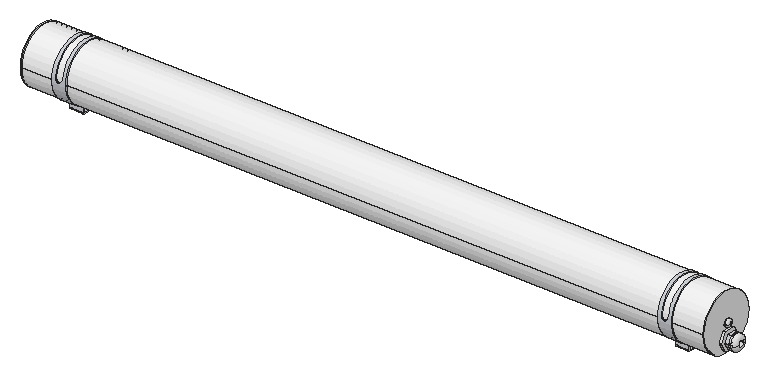
Revit family "0047611 Feilo Slyvania Lighting Fixture SYLPROOF TUBULAR LED 1X1200 EB MW NW", category Lighting Fixtures, host Face, Revit 2017
Family settings
  Host = Face
  Round Connector Dimension = Use Diameter
  Part Type = Normal
  OmniClass Number = 23.80.70.00
  OmniClass Title = Lighting
  Cut with Voids When Loaded = No
  Light Source = Yes
  Shared = No
  Room Calculation Point = No
Parameters (values of type "0047611 SYLPROOF TUBULAR LED 1X1200 EB MW NW")
  Weight = "2.7 kg"
  Wattage Comments = "n/a"
  Wattage = 25.6 W
  WarrantyStartDate [instance] = "n/a"
  WarrantyGuarantorParts = "n/a"
  WarrantyDurationUnit = "n/a"
  WarrantyDurationParts = "n/a"
  WarrantyDescription = "n/a"
  built-in parameter 1150110 = 1 (stored number, unit not read)
  Voltage = 230 V
  URL = "http://www.sylvania-lighting.com"
  TypeName = "SYLPROOF TUBULAR LED 1X1200 EB MW NW"
  Type Image = <None>
  Type Comments = "n/a"
  TubeDiameterOutside_FEILO = 100 mm
  TubeDiameterInside_FEILO = 96 mm
  built-in parameter 1114217 = 1 (stored number, unit not read)
  Tilt Angle = -90.00°
  built-in parameter 1150109 = 1 (stored number, unit not read)
  built-in parameter 1150134 = 12
  built-in parameter 1150113 = 1 (stored number, unit not read)
  SerialNumber [instance] = "n/a"
  ReflectorMaterial = Reflector-Sylvania-SylproofTubular-Illumination
  PowerFactor = 0
  PowerConsumption = "25.6 W"
  Photometric Web File = "0047611.ies"
  NominalLength = 1300 mm
  NominalHeight = 112 mm
  NominalDepth = 112 mm
  Name = "SYLPROOF TUBULAR LED 1X1200 EB MW NW"
  MountingHeight_FEILO = 64 mm
  ModelReference = Name  # "SYLPROOF TUBULAR LED 1X1200 EB MW NW"
  ModelNumber = "0047611"
  Model = Name  # "SYLPROOF TUBULAR LED 1X1200 EB MW NW"
  Material = "acrylic/pmma tube housing, acrylic/pmma diffuser"
  ManufacturerName = "Feilo Sylvania"
  Manufacturer = "Feilo Sylvania"
  LuminousEfficacy = "106.79 lm/W"
  built-in parameter 1150105 = 217.55 (stored number, unit not read)
  Lumens = 2733.82 lm
  LuminaireType = ""
  built-in parameter 1150115 = 1 (stored number, unit not read)
  LightOutputRatio = "100"
  TubeLength_FEILO = 1242 mm
  built-in parameter 1150137 = (empty or 0)
  built-in parameter 1150139 = (empty or 0)
  LampsType = Lamp  # "LED"
  LampNominalLuminous = "2734 lm"
  LampMacAdamStep = "n/a"
  LampColourTemperature = "4000 K"
  LampColourRenderingIndex = "0"
  built-in parameter 1150112 = 1 (stored number, unit not read)
  built-in parameter 1150114 = 1 (stored number, unit not read)
  Lamp = "LED"
  Keynote = "16500"
  InstallationDate [instance] = "n/a"
  InputVoltage = "220-240V~"
  InputNominalFrequency = "50/60 Hz"
  built-in parameter 1150132 = (empty or 0)
  built-in parameter 1150102 = (empty or 0)
  built-in parameter 1150107 = 4000 (stored number, unit not read)
  built-in parameter 1150138 = (empty or 0)
  IngressProtection = "IP66"
  ImpactProtectionIndex = "IK06"
  built-in parameter 1150106 = 2.1755 (stored number, unit not read)
  IfcExportType = "IfcLightFixtureType"
  IfcExportAs = "IfcLightFixtureType"
  Height_FEILO = 115 mm
  ExpectedLife = 50000
  Emit from Rectangle Width = TubeLength_FEILO - 20 mm  # 1222 mm
  Emit from Rectangle Length = 90 mm  # constant formula
  Emit Shape Visible in Rendering = no
  ElectricShockClassification = "Class I"
  built-in parameter 1150104 = 9.9211 (stored number, unit not read)
  DurationUnit = "hours"
  DocumentationLiterature = "http://www.sylvania-lighting.com/product/en-int/products/0047611"
  DimmingControlOptions = "Non dimmable"
  Dimming Lamp Color Temperature Shift = <None>
  DiffuserMaterial = Diffuser-Sylvania-SylproofTubular-Opal
  Description = "Aesthetically attractive and highly efficient LED tubular luminaire, opaque acrylic diffuser, stainless steel end caps and mounting brackets, rapid connector, as Sylvania Sylproof Tubular LED"
  Default Elevation = 1219.2 mm
  CreatedOn = "21/11/2017"
  CreatedBy = ""
  Cost = 0
  Color Filter = 16777215
  built-in parameter 1114216 [instance] = (empty or 0)
  ClassificationValue = "EF_70_80"
  ClassificationName = "Uniclass2015"
  BracketWidth_FEILO = 25 mm
  BracketDistance_FEILO = TubeLength_FEILO - 142 mm  # 1100 mm
  BodyMaterial = Body-Sylvania-SylproofTubular-Aluminium
  BarCode [instance] = "n/a"
  built-in parameter 1114218 = 1 (stored number, unit not read)
  built-in parameter 1150133 = 10 (stored number, unit not read)
  AssetType = "Fixed"
  AssetIdentifier [instance] = "n/a"
  Assembly Code = "D5020200"
  Apparent Load = 25.6 VA
  AccessoryMaterial = none
Reference planes
  plane 1 "Center (Front/Back)": y = 0
  plane 2: z = 0
  plane 3 "Center (Left/Right)": x = 0
  plane 4: x = 550
  plane 5: x = -550
  plane 6: x = 621
  plane 7: x = -621
  plane 8: x = 648
  plane 9: x = -619
  plane 10: x = 619
  plane 11: z = 64
  plane 12: z = 54
  plane 13: y = 14
  plane 14: y = -14
  plane 15: y = -42
  plane 16: y = 42
  plane 17: x = 607
  plane 18: x = -607
  plane 19: x = 624.8
  plane 20: x = -624.8
  plane 21: y = 6.4
  plane 22: y = -6.4
  plane 23: y = 2
  plane 24: x = 628.1
  plane 25: x = -628.1
  plane 26: z = 38
  plane 27: z = 54
  plane 28: z = 22
  plane 29: x = 637.1
  plane 30: x = 640.6
  plane 31: z = 115
Forms (mm)
  Extrusion 1, solid, material "Diffuser-Sylvania-SylproofTubular-Opal" <- "DiffuserMaterial"
    sketch origin (0, 0, 0) x (0, 1, 0) y (0, 0, 1)
      loop
        circle (0, 64) r 50
      loop
        circle (0, 64) r 48
    from -619 to 619
  Extrusion 2, solid, material "Reflector-Sylvania-SylproofTubular-Illumination" <- "ReflectorMaterial", detail levels medium+fine
    sketch origin (0, 0, 0) x (0, 1, 0) y (0, 0, 1)
      loop
        line (14, 54) -> (42, 64) -> (41.664, 64.942) -> (13.827, 55) -> (-13.827, 55) -> (-41.664, 64.942) -> (-42, 64) -> (-14, 54) -> (14, 54)
    from -607 to 607
  Extrusion 3, solid, material "Body-Sylvania-SylproofTubular-Aluminium" <- "BodyMaterial"
    sketch origin (619, 1524, 1219.2) x (0, 1, 0) y (0, 0, 1)
      loop
        circle (-1524, -1155.2) r 50
    from 0 to 2
  Extrusion 4, solid, material "Body-Sylvania-SylproofTubular-Aluminium" <- "BodyMaterial"
    sketch origin (-619, 1524, 1219.2) x (0, 1, 0) y (0, 0, 1)
      loop
        circle (-1524, -1155.2) r 50
    from -2 to 0
  Revolve 5, solid, material "Body-Sylvania-SylproofTubular-Aluminium" <- "BodyMaterial", detail levels fine
    sketch origin (0, 1219.2, 64) x (1, 0, 0) y (0, 1, 0)
      loop
        line (-628.1, -1219.2) -> (-621, -1219.2) -> (-621, -1212.8) -> (-624.8, -1212.8)
        arc (-624.8, -1212.8) -> (-627.183, -1214.45) -> (-628.1, -1217.2) r 4.583
        line (-628.1, -1217.2) -> (-628.1, -1219.2)
      axis (-621, -1219.2) -> (-628.1, -1219.2)
    angle from 360 to 0
  Revolve 6, solid, material "Body-Sylvania-SylproofTubular-Aluminium" <- "BodyMaterial", detail levels fine
    sketch origin (0, 1219.2, 64) x (1, 0, 0) y (0, 1, 0)
      loop
        line (628.1, -1219.2) -> (628.1, -1217.2)
        arc (628.1, -1217.2) -> (627.183, -1214.45) -> (624.8, -1212.8) r 4.583
        line (624.8, -1212.8) -> (621, -1212.8) -> (621, -1219.2) -> (628.1, -1219.2)
      axis (628.1, -1219.2) -> (621, -1219.2)
    angle from 360 to 0
  Extrusion 7, solid, material "Body-Sylvania-SylproofTubular-Aluminium" <- "BodyMaterial", detail levels medium+fine
    sketch origin (621, 1524, 1219.2) x (0, 1, 0) y (0, 0, 1)
      loop
        line (-1533.174, -1165.2) -> (-1542.475, -1181.089) -> (-1533.302, -1197.2) -> (-1514.826, -1197.2) -> (-1505.525, -1181.311) -> (-1514.698, -1165.2) -> (-1533.174, -1165.2)
    from 0 to 7.1
  Extrusion 8, solid, detail levels medium+fine
    sketch origin (628.1, 1524, 1219.2) x (0, 1, 0) y (0, 0, 1)
      loop
        line (-1530.892, -1169.262) -> (-1537.785, -1181.2) -> (-1530.892, -1193.138) -> (-1517.108, -1193.138) -> (-1510.215, -1181.2) -> (-1517.108, -1169.262) -> (-1530.892, -1169.262)
    from 0 to 9
  Revolve 9, solid, material "Body-Sylvania-SylproofTubular-Aluminium" <- "BodyMaterial", detail levels medium+fine
    sketch origin (0, 1219.2, 38) x (1, 0, 0) y (0, 1, 0)
      loop
        line (637.1, -1205.415) -> (637.1, -1212.8) -> (648, -1212.8)
        arc (648, -1212.8) -> (645.837, -1207.578) -> (640.615, -1205.415) r 7.385
        line (640.615, -1205.415) -> (637.1, -1205.415)
      axis (648, -1219.2) -> (637.1, -1219.2)
    angle from 360 to 0
Dimensions and locks
  equal spacing: plane 5, plane 3 "Center (Left/Right)", plane 4
  "BracketDistance_FEILO": plane 5 to plane 4
  equal spacing: plane 7, plane 3 "Center (Left/Right)", plane 6  (x2)
  "TubeLength_FEILO": plane 7 to plane 6
  locked: plane 6 to plane 8 at 27
  equal spacing: plane 9, plane 3 "Center (Left/Right)", plane 10
  locked: plane 7 to plane 9 at 2
  "MountingHeight_FEILO": plane 11 to plane 2
  locked: plane 12 to plane 11 at 10
  equal spacing: plane 14, plane 1 "Center (Front/Back)", plane 13
  locked: plane 14 to plane 1 "Center (Front/Back)" at 14
  equal spacing: plane 15, plane 1 "Center (Front/Back)", plane 16
  locked: plane 15 to plane 1 "Center (Front/Back)" at 42
  locked: plane 12 to Extrusion 2 sketch curve at 1
  locked: Extrusion 2 sketch curve to Extrusion 2 sketch curve at 1  (x2)
  equal spacing: plane 18, plane 3 "Center (Left/Right)", plane 17
  locked: plane 9 to plane 18 at 12
  equal spacing: plane 20, plane 3 "Center (Left/Right)", plane 19
  locked: plane 20 to plane 7 at 3.8
  equal spacing: plane 22, plane 1 "Center (Front/Back)", plane 21
  locked: plane 22 to plane 21 at 12.8
  locked: plane 1 "Center (Front/Back)" to plane 23 at 2
  equal spacing: plane 25, plane 3 "Center (Left/Right)", plane 24
  locked: plane 25 to plane 7 at 7.1
  locked: plane 26 to plane 11 at 26
  equal spacing: plane 28, plane 26, plane 27
  locked: plane 26 to plane 27 at 16
  locked: Extrusion 7 sketch curve to Extrusion 7 sketch curve at 32.001  (x2)
  locked: plane 24 to plane 29 at 9
  locked: plane 26 to Extrusion 8 sketch curve at 11.938
  locked: Extrusion 8 sketch curve to plane 26 at 11.938
  locked: Extrusion 8 sketch curve to Extrusion 8 sketch curve at 23.876  (x2)
  locked: Extrusion 8 sketch curve to plane 1 "Center (Front/Back)" at 13.785
  locked: plane 1 "Center (Front/Back)" to Extrusion 8 sketch curve at 13.785
  locked: plane 29 to plane 30 at 3.5
  "Height_FEILO": plane 31 to plane 2
  "TubeDiameterOutside_FEILO": diameter of Extrusion 1 sketch curve
  "TubeDiameterInside_FEILO": diameter of Extrusion 1 sketch curve
  aligned and locked: plane 2 to host face
  aligned and locked: level to host face
  aligned and locked: plane 10 to Extrusion 1
  aligned and locked: Extrusion 1 to plane 9
  aligned and locked: plane 13 to Extrusion 2 sketch curve
  aligned and locked: Extrusion 2 sketch curve to plane 12
  aligned and locked: plane 11 to Extrusion 2 sketch curve
  aligned and locked: plane 15 to Extrusion 2 sketch curve
  aligned and locked: plane 17 to Extrusion 2
  aligned and locked: Extrusion 2 to plane 18
  aligned and locked: plane 11 to Extrusion 1 sketch curve  (x2)
  aligned and locked: plane 1 "Center (Front/Back)" to Extrusion 1 sketch curve  (x2)
  aligned and locked: Extrusion 3 sketch curve to Extrusion 1  (x2)
  aligned and locked: plane 6 to Extrusion 3
  aligned and locked: Extrusion 3 to plane 10
  aligned and locked: Extrusion 4 sketch curve to Extrusion 3  (x2)
  aligned and locked: Extrusion 4 to plane 7
  aligned and locked: plane 9 to Extrusion 4
  aligned and locked: Revolve 5 sketch curve to Extrusion 4
  aligned and locked: plane 1 "Center (Front/Back)" to Revolve 5 sketch curve
  aligned and locked: plane 20 to Revolve 5 sketch curve
  aligned and locked: Revolve 5 sketch curve to plane 21
  aligned and locked: Revolve 5 sketch curve to plane 1 "Center (Front/Back)"
  aligned and locked: plane 23 to Revolve 6 sketch curve
  aligned and locked: Revolve 6 sketch curve to Extrusion 3
  aligned and locked: plane 1 "Center (Front/Back)" to Revolve 6 sketch curve
  aligned and locked: Revolve 6 sketch curve to plane 21
  aligned and locked: Revolve 6 sketch curve to plane 1 "Center (Front/Back)"
  aligned and locked: plane 25 to Revolve 5 sketch curve
  aligned and locked: plane 24 to Revolve 6 sketch curve
  aligned and locked: Extrusion 7 sketch curve to plane 27
  aligned and locked: plane 28 to Extrusion 7 sketch curve
  aligned and locked: plane 24 to Extrusion 7
  aligned and locked: Extrusion 7 to plane 6
  aligned and locked: plane 29 to Extrusion 8
  aligned and locked: Extrusion 8 to plane 24
  aligned and locked: Revolve 9 sketch curve to plane 1 "Center (Front/Back)"
  aligned and locked: Extrusion 8 to Revolve 9 sketch curve
  aligned and locked: Revolve 9 sketch curve to Extrusion 8
  aligned and locked: plane 8 to Revolve 9 sketch curve
  aligned and locked: plane 21 to Revolve 9 sketch curve
  aligned and locked: imposter light to plane 31
  aligned and locked: imposter light to plane 3 "Center (Left/Right)"
  aligned and locked: imposter light to plane 1 "Center (Front/Back)"
  aligned and locked: plane 1 "Center (Front/Back)" to nested 2
  aligned and locked: plane 1 "Center (Front/Back)" to nested 1
  aligned and locked: plane 5 to nested 1
  aligned and locked: plane 4 to nested 2
Automatic sketch dimensions
  host sketch curve to host sketch curve = 2438.4 mm  (x2)
  Extrusion 2 sketch curve to plane 14 = 0 mm
  Extrusion 2 sketch curve to plane 16 = 0 mm
  plane 11 to Extrusion 2 sketch curve = 0 mm
  plane 23 to Revolve 5 sketch curve = 0 mm
  Revolve 5 sketch curve to plane 25 = 1195.9 mm
  plane 8 to Revolve 5 sketch curve = 1176 mm
  Revolve 6 sketch curve to plane 19 = 0 mm
  Revolve 6 sketch curve to plane 25 = 1195.9 mm
  plane 8 to Revolve 6 sketch curve = 1176 mm
  Extrusion 7 sketch curve to plane 26 = 0.111 mm
  plane 14 to Extrusion 7 sketch curve = 4.475 mm
  plane 22 to Extrusion 7 sketch curve = 2.902 mm
  plane 22 to Extrusion 7 sketch curve = 2.774 mm
  plane 26 to Extrusion 8 sketch curve = 0 mm  (x2)
  Revolve 9 sketch curve to plane 25 = 1195.9 mm
  plane 8 to Revolve 9 sketch curve = 1176 mm
Nested families
  nested 1: "SylproofTubularMountingRing" at (-550, 0, 0), type "SylproofTubularMountingRing"
  nested 2: "SylproofTubularMountingRing" at (550, 0, 0), type "SylproofTubularMountingRing"
Connectors
  electrical at (0, 0, 0), driven by "Apparent Load", driven by "PowerFactor", driven by "Voltage"
    settings: index 1, voltage 230 V, apparent load 25.6 VA, apparent load phase1 0 VA, apparent load phase2 0 VA, apparent load phase3 0 VA, power factor 0, load classification "Lighting", number of poles 1, system type 30, power factor state 1, is connector primary yes, connector utility no, sub classification motor no, connector description ""
Definition of nested family "SylproofTubularMountingRing"
  Parameters (values of type "SylproofTubularMountingRing")
    URL = "http://www.feilosylvania.com"
    Type Image = (empty or 0)
    Type Comments = "n/a"
    TubeRadius_FEILO = 50 mm
    TubeDiameter_FEILO = TubeRadius_FEILO * 2  # 100 mm
    Model = ""
    Manufacturer = "Feilo Sylvania"
    Length_FEILO = 1000 mm
    Keynote = ""
    Height_FEILO = 3 mm
    Description = ""
    Default Elevation = 1219.2 mm
    CutOutWidth_FEILO = BracketWidth_FEILO / 2  # 12.5 mm
    CutOutRadius_FEILO = CutOutWidth_FEILO / 2  # 6.25 mm
    Cost = 0
    ClassificationValue = ""
    ClassificationName = ""
    BracketWidth_FEILO = 25 mm
    BracketThickness_FEILO = 1 mm
    BracketOuterCircleRadis_FEILO = TubeRadius_FEILO + BracketThickness_FEILO  # 51 mm
    BodyMaterial = none
    Assembly Code = ""
  Reference planes
    plane 1 "Center (Front/Back)": y = 0
    plane 2: z = 0
    plane 3 "Center (Left/Right)": x = 0
    plane 4: x = 12.5
    plane 5: x = -12.5
    plane 6: y = 50
    plane 7: y = -50
    plane 8: z = 115
    plane 9: z = 114
    plane 10: y = -51
    plane 11: y = 51
    plane 12: z = 14
    plane 13: z = 64
    plane 14: y = 10
    plane 15: y = -10
    plane 16: y = 11
    plane 17: z = 1
    plane 18: y = -11
    plane 19: x = 6.25
    plane 20: x = -6.25
    plane 21: z = 70.25
    plane 22: y = 54
    plane 23: y = -54
    plane 24: z = 120
  Forms (mm)
    Extrusion 1, solid
      sketch origin (4.2, 0, 0) x (1, 0, 0) y (0, 1, 0)
        loop
          line (-1219.2, 1219.2) -> (-1219.2, -1219.2) -> (1219.2, -1219.2) -> (1219.2, 1219.2) -> (-1219.2, 1219.2)
      from 0 to -68.017
    Extrusion 2, solid
      sketch origin (0, 0, 0) x (0, 1, 0) y (0, 0, 1)
        loop
          arc (9, 1) -> (9.707, 1.293) -> (10, 2) r 1
          line (10, 2) -> (10, 13.435)
          arc (10, 13.435) -> (10.423, 14.651) -> (11.509, 15.343) r 1.96
          arc (11.509, 15.343) -> (0.015, 114) -> (-11.538, 15.35) r 50
          arc (-11.538, 15.35) -> (-10.431, 14.644) -> (-10, 13.404) r 2
          line (-10, 13.404) -> (-10, 2)
          arc (-10, 2) -> (-9.707, 1.293) -> (-9, 1) r 1
          line (-9, 1) -> (9, 1)
        loop
          arc (9, 0) -> (10.414, 0.586) -> (11, 2) r 2
          line (11, 2) -> (11, 13.404)
          arc (11, 13.404) -> (11.216, 14.024) -> (11.769, 14.377) r 1
          arc (11.769, 14.377) -> (0, 115) -> (-11.769, 14.377) r 51
          arc (-11.769, 14.377) -> (-11.216, 14.024) -> (-11, 13.404) r 1
          line (-11, 13.404) -> (-11, 2)
          arc (-11, 2) -> (-10.414, 0.586) -> (-9, 0) r 2
          line (-9, 0) -> (9, 0)
      from -12.5 to 12.5
    Extrusion 3, void
      sketch origin (0, 0, 0) x (1, 0, 0) y (0, 0, 1)
        loop
          line (-6.25, 120) -> (-6.25, 70.25)
          arc (-6.25, 70.25) -> (0, 64) -> (6.25, 70.25) r 6.25
          line (6.25, 70.25) -> (6.25, 120) -> (-6.25, 120)
      from -54 to 54
  Cuts and joins
    Extrusion 3 cuts Extrusion 2
  Lines and regions (mm)
    reference lines
      curve 1: circle (0, 0, 64) r 50 normal (1, 0, 0)
      curve 2: circle (0, 0, 64) r 51 normal (-1, 0, 0)
  Dimensions and locks
    equal spacing: plane 5, plane 3 "Center (Left/Right)", plane 4
    "BracketWidth_FEILO": plane 5 to plane 4
    equal spacing: plane 7, plane 1 "Center (Front/Back)", plane 6
    "TubeRadius_FEILO": plane 7 to plane 1 "Center (Front/Back)"
    locked: plane 8 to plane 2 at 115
    "BracketThickness_FEILO": plane 9 to plane 8
    equal spacing: plane 10, plane 1 "Center (Front/Back)", plane 11
    "BracketThickness_FEILO": plane 10 to plane 7
    "TubeDiameter_FEILO": plane 12 to plane 9
    "TubeRadius_FEILO": plane 12 to plane 13
    equal spacing: plane 15, plane 1 "Center (Front/Back)", plane 14
    locked: plane 15 to plane 1 "Center (Front/Back)" at 10
    "BracketThickness_FEILO": plane 17 to plane 2
    "BracketThickness_FEILO": plane 18 to plane 15
    equal spacing: plane 18, plane 1 "Center (Front/Back)", plane 16
    equal spacing: plane 19, plane 3 "Center (Left/Right)", plane 20
    "CutOutWidth_FEILO": plane 19 to plane 20
    "CutOutRadius_FEILO": plane 21 to plane 13
    plane 23 to plane 1 "Center (Front/Back)" to plane 22 = 54 mm locked, 54 mm locked
    locked: plane 24 to level at 120
    "TubeRadius_FEILO": radius of curve 1
    "BracketOuterCircleRadis_FEILO": radius of curve 2
    "BracketOuterCircleRadis_FEILO": radius of Extrusion 2 sketch curve
    "TubeRadius_FEILO": radius of Extrusion 2 sketch curve
    aligned and locked: plane 2 to Extrusion 1
    aligned and locked: level to Extrusion 1
    aligned and locked: plane 1 "Center (Front/Back)" to curve 1
    aligned and locked: plane 13 to curve 1
    aligned and locked: plane 1 "Center (Front/Back)" to curve 2
    aligned and locked: plane 13 to curve 2
    aligned and locked: Extrusion 2 sketch curve to plane 17
    aligned and locked: Extrusion 2 sketch curve to plane 15
    aligned and locked: Extrusion 2 sketch curve to plane 18
    aligned and locked: Extrusion 2 sketch curve to plane 14
    aligned and locked: Extrusion 2 sketch curve to plane 16
    aligned and locked: plane 4 to Extrusion 2
    aligned and locked: Extrusion 2 to plane 5
    aligned and locked: plane 20 to Extrusion 3 sketch curve
    aligned and locked: Extrusion 3 sketch curve to plane 19
    aligned and locked: plane 3 "Center (Left/Right)" to Extrusion 3 sketch curve
    aligned and locked: plane 21 to Extrusion 3 sketch curve  (x3)
    aligned and locked: plane 23 to Extrusion 3
    aligned and locked: Extrusion 3 to plane 22
    aligned and locked: plane 24 to Extrusion 3 sketch curve
  Automatic sketch dimensions
    Extrusion 1 sketch curve to Extrusion 1 sketch curve = 2438.4 mm  (x2)
    Extrusion 2 sketch curve to Extrusion 2 sketch curve = 0 mm  (x8)
    Extrusion 2 sketch curve to plane 1 "Center (Front/Back)" = 0 mm
    plane 13 to Extrusion 2 sketch curve = 0 mm
    Extrusion 2 sketch curve to plane 15 = 1 mm
    plane 14 to Extrusion 2 sketch curve = 1 mm
    Extrusion 2 sketch curve to Extrusion 2 sketch curve = 1 mm
    Extrusion 2 sketch curve to Extrusion 2 sketch curve = 0.04 mm
    plane 12 to Extrusion 2 sketch curve = 0.596 mm
    plane 12 to Extrusion 2 sketch curve = 0.565 mm
    Extrusion 2 sketch curve to Extrusion 2 sketch curve = 0.031 mm
  Connectors
    electrical at (0, 0, 0)
      settings: index 1, voltage 24 V, apparent load 72 VA, apparent load phase1 0 VA, apparent load phase2 0 VA, apparent load phase3 0 VA, power factor 0, load classification none, number of poles 1, system type 30, power factor state 1, is connector primary yes, connector utility no, sub classification motor no, connector description ""
